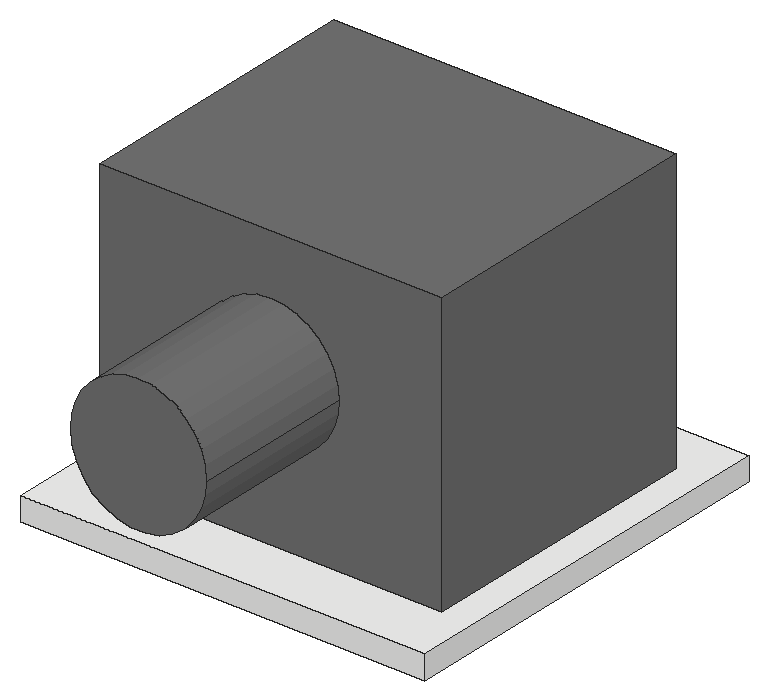
Revit family "vd-08_13zcc8-c_50Hz", category 機械設備, Revit 2019
Family settings
  丸型コネクタ寸法 = 直径を使用
  パーツ タイプ = 標準
  OmniClass 番号 = 23.75.35.17.27
  OmniClass タイトル = Centrifugal Fans
  作業面ベース = いいえ
  常に垂直 = はい
  ロード時にボイドで切り取り = いいえ
  共有 = いいえ
  部屋計算ポイント = はい
Parameters (values of type "VD-13ZCC8-C")
  騒音レベル(dB(A)) [instance] = 33
  風量 [instance] = 130.0 m³/h
  電源種別 [instance] = ""
  電圧 = 100 V
  電動機出力 = 0 W
  電動機_種別 [instance] = ""
  運転質量 = 0.00 kg
  連動 [instance] = ""
  質量 = if(製品質量 > 運転質量, 製品質量, 運転質量) * 1.2  # 2.16 kg
  負荷分類 = 3_ファン類
  説明 = "ダクト用換気扇 低騒音形 丸穴据付タイプ"
  設計風量 [instance] = 0.0 m³/h
  設置方法 = "天埋"
  記号 [instance] = ""
  製造元 = "三菱電機株式会社"
  製品質量 = 1.80 kg
  製品出荷対象 = "国内"
  製品リリース年月 = "2024年6月3日"
  製品グループ = ""
  系統 [instance] = ""
  符号 [instance] = if(☑給気／□排気, "FS", "FE")  # "FE"
  積算_科目 = "2 換気設備"
  積算_拾い区分 [instance] = ""
  相 = 1
  盤記号 [instance] = ""
  発停方法 [instance] = ""
  特殊仕様 [instance] = ""
  火災停止 [instance] = ""
  消費電力 = 16.5 W
  法定耐用年数 = "15"
  機外静圧 [instance] = 0.0 Pa
  極数 = 2
  材質 [instance] = ""
  操作・制御方式 = ""
  操作・制御スイッチ = ""
  排気量 [instance] = if(☑給気／□排気, 0.0 m³/h, 設計風量)  # 0.0 m³/h
  形式 = "天井埋込ダクト形"
  幹線記号 [instance] = ""
  対象室 [instance] = ""
  実風量 [instance] = 0.0 m³/h
  始動方式 [instance] = "直入"
  外気量 [instance] = if(☑給気／□排気, 設計風量, 0.0 m³/h)  # 0.0 m³/h
  呼称 = "天井扇"
  周波数 = 60 Hz
  参照している仕様書等のバージョン = ""
  分類コード = "50052503100030"
  分類グループ = ""
  価格 = 23700
  企業コード = "108420"
  付属品_防振装置 = ""
  付属品 [instance] = ""
  仕様書バージョン = "Version1.0"
  モデル = "VD-13ZCC8-C"
  マテリアル = 合成樹脂(黒)
  ファンの種類 = ""
  ダクト径 = 100 mm
  コメント [instance] = ""
  Keynote = ""
  カバーマテリアル = 合成樹脂(白)
  ☑給気／□排気 [instance] = no
  Width = 245 mm
  W1 = 290 mm
  Version = ""
  Uniclass2015Version = "Systems v1.9"
  Uniclass2015Title = "Centrifugal fans"
  Uniclass2015Code = "Pr_65_67_29_12"
  URL = "https://www.mitsubishielectric.co.jp/ldg/wink/qr/002/333583/"
  SpecificationReference = ""
  SpecificationDescription = ""
  Revision = ""
  ProductInformation = ""
  OmniClassCode = "23-33 31 19 11 15"
  OAサイズ_D = 0 mm
  MIN風量 = 0.0 m³/h
  MIN静圧 = 0.0 Pa
  MID風量 = 0.0 m³/h
  MID静圧 = 0.0 Pa
  MAX風量 = 130.0 m³/h
  MAX静圧 = 0.0 Pa
  IfcTypeProduct = ""
  IfcProduct = ""
  IfcExportType = "PROPELLORAXIAL"
  IfcExportAs = "IfcFanType"
  Height = 202 mm
  H1 = 17 mm
  EAサイズ_D = 98 mm
  Duct_Height = 110 mm
  Duct_Depth = 118 mm
  Duct_D = 220 mm
  Duct_Center = 0 mm
  Depth = 210 mm
  D1 = 290 mm
  Author = "三菱電機株式会社"
Types (3, lengths in mm): name | 騒音レベル(dB(A)) | 風量 | 質量 | 製品質量 | 消費電力 | 価格 | モデル | Width | W1 | URL | MAX風量 | Height | H1 | Duct_Height | Duct_Depth | Duct_D | Depth | D1
  VD-08ZCC8-C | 25 | 50.0 m³/h | 1.56 kg | 1.30 kg | 5 W | 18500 | "VD-08ZCC8-C" | 165 | 200 | "https://www.mitsubishielectric.co.jp/ldg/wink/qr/002/333547/" | 50.0 m³/h | 179 | 17 | 102 | 88 | 160 | 150 | 200
  VD-10ZCC8-C | 31.5 | 95.0 m³/h | 1.68 kg | 1.40 kg | 10.5 W | 20500 | "VD-10ZCC8-C" | 195 | 230 | "https://www.mitsubishielectric.co.jp/ldg/wink/qr/002/333559/" | 95.0 m³/h | 187 | 18 | 102 | 113 | 197 | 174 | 230
  VD-13ZCC8-C | 33 | 130.0 m³/h | 2.16 kg | 1.80 kg | 16.5 W | 23700 | "VD-13ZCC8-C" | 245 | 290 | "https://www.mitsubishielectric.co.jp/ldg/wink/qr/002/333583/" | 130.0 m³/h | 202 | 17 | 110 | 118 | 220 | 210 | 290
Reference planes
  plane 1 "中心(正面/背面)": y = 0
  plane 2: z = 0
  plane 3 "中心(左/右)": x = 0
  plane 4: x = -145
  plane 5: x = 145
  plane 6: y = 145
  plane 7: y = -145
  plane 8: x = -122.5
  plane 9: x = 122.5
  plane 10: y = 108
  plane 11: y = -102
  plane 12: y = -220
  plane 13: z = 202
  plane 14: z = -17
  plane 15: z = 110
  plane 16: x = 0
Forms (mm)
  Extrusion 1, solid, material "合成樹脂(黒)" <- "マテリアル", detail levels fine
    sketch origin (0, 0, 0) x (1, 0, 0) y (0, 1, 0)
      loop
        line (-122.5, 108) -> (-122.5, -102) -> (122.5, -102) -> (122.5, 108) -> (-122.5, 108)
    from 0 to 202
  Extrusion 2, solid, material "合成樹脂(白)" <- "カバーマテリアル", detail levels fine
    sketch origin (0, 0, 0) x (1, 0, 0) y (0, 1, 0)
      loop
        line (-145, 145) -> (-145, -145) -> (145, -145) -> (145, 145) -> (-145, 145)
    from 0 to -17
  Extrusion 3, solid, material "合成樹脂(黒)" <- "マテリアル", detail levels fine
    sketch origin (0, 0, 0) x (1, 0, 0) y (0, 0, 1)
      loop
        circle (0, 110) r 49
    from 102 to 220
Dimensions and locks
  equal spacing: plane 4, plane 3 "中心(左/右)", plane 5
  "W1": plane 4 to plane 5
  equal spacing: plane 6, plane 1 "中心(正面/背面)", plane 7
  "D1": plane 6 to plane 7
  equal spacing: plane 8, plane 3 "中心(左/右)", plane 9
  "Width": plane 8 to plane 9
  "Depth": plane 10 to plane 11
  "Duct_Depth": plane 11 to plane 12
  "Height": plane 13 to plane 2
  "Duct_Height": plane 15 to plane 2
  "H1": plane 2 to plane 14
  "Duct_Center": plane 3 "中心(左/右)" to plane 16
  "Duct_D": plane 12 to plane 1 "中心(正面/背面)"
  "EAサイズ_D": diameter of Extrusion 3 sketch curve
  aligned and locked: level to plane 2
  aligned and locked: plane 5 to Extrusion 2
  aligned and locked: plane 6 to Extrusion 2
  aligned and locked: Extrusion 2 to plane 4
  aligned and locked: Extrusion 2 to plane 7
  aligned and locked: plane 9 to Extrusion 1
  aligned and locked: Extrusion 1 to plane 11
  aligned and locked: Extrusion 1 to plane 8
  aligned and locked: plane 10 to Extrusion 1
  aligned and locked: plane 13 to Extrusion 1
  aligned and locked: Extrusion 2 to plane 14
  aligned and locked: level to Extrusion 2
  aligned and locked: Extrusion 1 to level
  aligned and locked: Extrusion 3 to plane 12
  aligned and locked: plane 11 to Extrusion 3
Automatic sketch dimensions
  Extrusion 1 sketch curve to plane 3 "中心(左/右)" = 122.5 mm
  plane 3 "中心(左/右)" to Extrusion 1 sketch curve = 122.5 mm
  Extrusion 2 sketch curve to plane 3 "中心(左/右)" = 145 mm
  plane 3 "中心(左/右)" to Extrusion 2 sketch curve = 145 mm
  plane 1 "中心(正面/背面)" to Extrusion 1 sketch curve = 102 mm
  Extrusion 1 sketch curve to plane 1 "中心(正面/背面)" = 108 mm
  plane 1 "中心(正面/背面)" to Extrusion 2 sketch curve = 145 mm
  Extrusion 2 sketch curve to plane 1 "中心(正面/背面)" = 145 mm
  Extrusion 3 sketch curve to plane 15 = 0 mm
  Extrusion 3 sketch curve to plane 16 = 0 mm
Nested families
  nested 1: "記号_天井換気扇_平面" at (0, 0, 0), type "記号_天井換気扇_平面", detail levels coarse+medium
Connectors
  hvac at (0, -220, 110), driven by "ダクト径", driven by "風量", driven by "機外静圧"
    settings: on Extrusion 3, index 1, duct flow 130.0 m³/h, flow factor 0, pres drop 0.0 Pa, loss coef 0, conn angle 0.00°, conn width 304.8 mm, conn height 304.8 mm, conn diameter 100 mm, duct sys type 3, conn prof type 0, flow config 0, flow direction 2, loss method 4, conn ref index -1, conn util no, is conn primary yes, conn desc ""
  electrical at (0, 3, 202), driven by "極数", driven by "負荷分類", driven by "電圧", driven by "消費電力"
    settings: on Extrusion 1, index 2, voltage 100 V, apparent load 16.5 VA, apparent load phase1 0 VA, apparent load phase2 0 VA, apparent load phase3 0 VA, power factor 1, load classification "3_ファン類", number of poles 2, system type 30, power factor state 1, is connector primary yes, connector utility no, sub classification motor no, connector description ""
Definition of nested family "記号_天井換気扇_平面"
  Reference planes
    plane 1: y = 0
    plane 2: x = 0
  Lines and regions (mm)
    detail lines
      curve 1: line (-2.5, 2.5, 0) -> (2.5, 2.5, 0)
      curve 2: line (-2.5, -2.5, 0) -> (-2.5, 2.5, 0)
      curve 3: line (2.5, -2.5, 0) -> (-2.5, -2.5, 0)
      curve 4: line (2.5, 2.5, 0) -> (2.5, -2.5, 0)
      curve 5: circle (-1.04, -1.04, 0) r 1.46 normal (0, 0, 1)
      curve 6: circle (1.04, 1.04, 0) r 1.46 normal (0, 0, 1)
      curve 7: line (-3.125, 3.125, 0) -> (3.125, 3.125, 0)
      curve 8: line (-3.125, -3.125, 0) -> (-3.125, 3.125, 0)
      curve 9: line (3.125, -3.125, 0) -> (-3.125, -3.125, 0)
      curve 10: line (3.125, 3.125, 0) -> (3.125, -3.125, 0)
      curve 11: circle (1.295, 1.295, 0) r 1.83 normal (0, 0, 1)
      curve 12: circle (-1.295, -1.295, 0) r 1.83 normal (0, 0, 1)
      curve 13: line (-2, 2, 0) -> (2, 2, 0)
      curve 14: line (-2, -2, 0) -> (-2, 2, 0)
      curve 15: line (2, -2, 0) -> (-2, -2, 0)
      curve 16: line (2, 2, 0) -> (2, -2, 0)
      curve 17: circle (0.84, 0.84, 0) r 1.16 normal (0, 0, 1)
      curve 18: circle (-0.84, -0.84, 0) r 1.2 normal (0, 0, 1)
